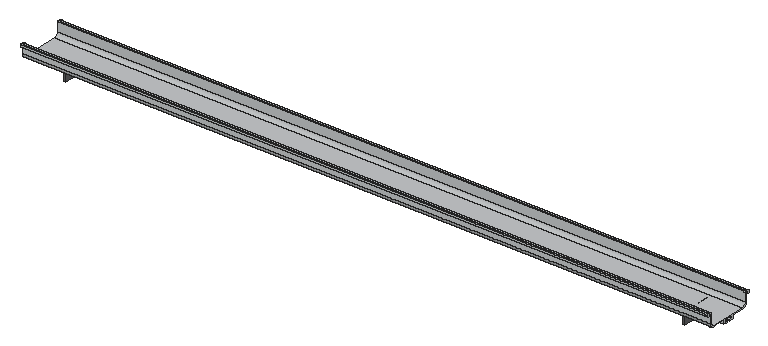
Revit family "Richelieu_Gola_Channel_Profiles_2025", category Generic Models, Revit 2025 (continued)
Automatic sketch dimensions
  Extrusion 56 sketch curve to Extrusion 56 sketch curve = 0.373 mm  (x2)
  Extrusion 56 sketch curve to Extrusion 56 sketch curve = 0.834 mm  (x2)
  Extrusion 56 sketch curve to Extrusion 56 sketch curve = 0.923 mm
  Extrusion 56 sketch curve to Extrusion 56 sketch curve = 0.089 mm  (x2)
  Extrusion 56 sketch curve to Extrusion 56 sketch curve = 0 mm  (x2)
  Extrusion 56 sketch curve to Extrusion 56 sketch curve = 1.9 mm  (x3)
  level to Extrusion 56 sketch curve = 2.8 mm
  Extrusion 56 sketch curve to Extrusion 56 sketch curve = 9 mm
  Extrusion 56 sketch curve to Extrusion 56 sketch curve = 1.6 mm
  Extrusion 56 sketch curve to Extrusion 56 sketch curve = 1.655 mm  (x2)
  Extrusion 56 sketch curve to Extrusion 56 sketch curve = 0.145 mm  (x2)
  Extrusion 56 sketch curve to Extrusion 56 sketch curve = 0.55 mm  (x2)
  Extrusion 56 sketch curve to Extrusion 56 sketch curve = 17 mm  (x2)
  Extrusion 57 sketch curve to plane 1 "Center (Front/Back)" = 0 mm
  Extrusion 57 sketch curve to plane 1 "Center (Front/Back)" = 1.2 mm
  Extrusion 57 sketch curve to Extrusion 57 sketch curve = 1.3 mm
  Extrusion 57 sketch curve to Extrusion 57 sketch curve = 5.9 mm  (x2)
  Extrusion 57 sketch curve to Extrusion 57 sketch curve = 1 mm
  Extrusion 57 sketch curve to Extrusion 57 sketch curve = 1.1 mm  (x3)
  Extrusion 57 sketch curve to Extrusion 57 sketch curve = 1.2 mm  (x8)
  Extrusion 57 sketch curve to Extrusion 57 sketch curve = 5.562 mm  (x2)
  Extrusion 57 sketch curve to Extrusion 57 sketch curve = 0.131 mm  (x2)
  Extrusion 57 sketch curve to Extrusion 57 sketch curve = 0.138 mm
  Extrusion 57 sketch curve to Extrusion 57 sketch curve = 0 mm  (x2)
  Extrusion 57 sketch curve to Extrusion 57 sketch curve = 36.5 mm
  Extrusion 57 sketch curve to Extrusion 57 sketch curve = 0.007 mm
  level to Extrusion 57 sketch curve = 30.9 mm
  Extrusion 57 sketch curve to Extrusion 57 sketch curve = 5.6 mm
  Extrusion 57 sketch curve to Extrusion 57 sketch curve = 0.2 mm  (x2)
  level to Extrusion 57 sketch curve = 30.7 mm
  Extrusion 57 sketch curve to Extrusion 57 sketch curve = 4.9 mm  (x2)
  Extrusion 57 sketch curve to Extrusion 57 sketch curve = 5.1 mm
  Extrusion 57 sketch curve to Extrusion 57 sketch curve = 4.7 mm  (x2)
  Extrusion 58 sketch curve to level = 0 mm  (x2)
  Extrusion 58 sketch curve to plane 1 "Center (Front/Back)" = 18.25 mm
  Extrusion 58 sketch curve to Extrusion 58 sketch curve = 0 mm  (x3)
  Extrusion 58 sketch curve to Extrusion 58 sketch curve = 1.2 mm  (x8)
  Extrusion 58 sketch curve to Extrusion 58 sketch curve = 6.105 mm  (x3)
  Extrusion 58 sketch curve to Extrusion 58 sketch curve = 0.373 mm  (x2)
  Extrusion 58 sketch curve to Extrusion 58 sketch curve = 0.834 mm  (x2)
  Extrusion 58 sketch curve to Extrusion 58 sketch curve = 0.923 mm
  Extrusion 58 sketch curve to Extrusion 58 sketch curve = 0.089 mm  (x2)
  Extrusion 58 sketch curve to Extrusion 58 sketch curve = 1.9 mm  (x3)
  level to Extrusion 58 sketch curve = 2.8 mm
  Extrusion 58 sketch curve to Extrusion 58 sketch curve = 9 mm
  Extrusion 58 sketch curve to Extrusion 58 sketch curve = 1.6 mm
  Extrusion 58 sketch curve to Extrusion 58 sketch curve = 1.655 mm  (x2)
  Extrusion 58 sketch curve to Extrusion 58 sketch curve = 0.145 mm  (x2)
  Extrusion 58 sketch curve to Extrusion 58 sketch curve = 0.55 mm  (x2)
  Extrusion 58 sketch curve to Extrusion 58 sketch curve = 17 mm  (x2)
Types (5, lengths in mm): name | Type VS | Type VD | Type HL | Type HC | Stock Length | Show Mounting Clips | Recess Opening Width | Recess Cut Front | Profile Width | Profile Type | Profile Height | Open End Cap Product | Model | Manufacturer Product Number | Internal Joint Product | HL clips | HC clips | Grip Configuration | External Joint Product | Description | Closed End Cap Product | Application
  (no name) | no | yes | no | no | 4400 | no | 67.5 | 87.1 | 66.5 | "VD" | 36.6 | "Not specified for vertical profiles" | "70010190440170" | "70010190440170" | "Not applicable" | no | no | "Double" | "Not applicable" | "Vertical - Double Grip; line based length with endpoint grips" | "Not specified for vertical profiles" | "Vertical"
  Horizontal - C - Double Grip | no | no | no | yes | 4100 | yes | 73.7 | 76.5 | 26 | "HC" | 72.7 | "7001045170" | "70010040410170" | "70010040410170" | "7001016I170" | no | yes | "Double" | "7001016E170" | "Horizontal - C - Double Grip; line based length with endpoint grips" | "7001046170" | "Horizontal"
  Horizontal - L - Single Grip | no | no | yes | no | 4100 | yes | 57 | 77.5 | 27 | "HL" | 56 | "7001013170" | "70010050410170" | "70010050410170" | "7001017I170" | yes | no | "Single" | "7001015E170" | "Horizontal - L - Single Grip; line based length with endpoint grips" | "7001044170" | "Horizontal"
  Vertical - Single Grip | yes | no | no | no | 4400 | no | 49.25 | 87.1 | 48.25 | "VS" | 36.6 | "Not specified for vertical profiles" | "70010200440170" | "70010200440170" | "Not applicable" | no | no | "Single" | "Not applicable" | "Vertical - Single Grip; line based length with endpoint grips" | "Not specified for vertical profiles" | "Vertical"
  Vertical - Double Grip | no | yes | no | no | 4400 | no | 67.5 | 87.1 | 66.5 | "VD" | 36.6 | "Not specified for vertical profiles" | "70010190440170" | "70010190440170" | "Not applicable" | no | no | "Double" | "Not applicable" | "Vertical - Double Grip; line based length with endpoint grips" | "Not specified for vertical profiles" | "Vertical"
